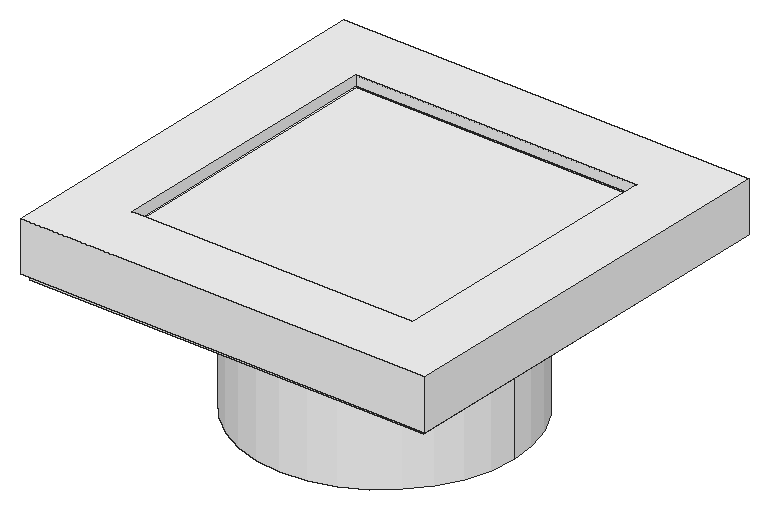
Revit family "Gira_029627", category Electrical Fixtures, host Face, Revit 2017
Family settings
  Host = Face
  Maintain Annotation Orientation = Yes
  Round Connector Dimension = Use Diameter
  Part Type = Normal
  Cut with Voids When Loaded = No
  Shared = No
  Room Calculation Point = No
Parameters (values of type "Wippe System 55 Reinweiß m")
  White [instance] = White
  Werkstoffgüte = "Thermoplast"
  Werkstoff = "Kunststoff"
  Verwendung = "Schalter/Taster"
  URL = "http://katalog.gira.de/de_DE/datenblatt.html?artikelnr=029627"
  Region = "DE"
  RAL-Nummer (ähnlich) = "9010 "
  Oberfläche = "sonstige"
  Name = "Wippe System 55 Reinweiß m"
  Model = "Sys55_Komplettgerät_Schalten und Tasten"
  Mit austauschbarer Linse/Symbol = "No"
  Mit Beschriftungsfeld = "No"
  Manufacturer URL = "https://www.gira.de/"
  Kontrollfenster/Lichtauslass = "No"
  HeinzeBIM = "https://bimportal.heinze.de/bim/wippe-system-55-reinweiss-m/580772c6a42410ca84c9aea5a6ed972272acb4bf"
  Halogenfrei = "Yes"
  HAN = "029627"
  Geeignet für Schutzart (IP) = "IP20"
  Geeignet für Bussystem-Tasterankopplung = "Yes"
  GTIN = "4010337296270"
  Farbe = "weiß"
  Default Elevation = 1219.2 mm
  Data sheet (1) = "https://katalog.gira.de/de_DE/download.html?artikelnr=029627"
  Category = "Abdeckung/Bedienelement für Installationsschalterprogramme"
  Befestigungsart = "Klemmbefestigung"
  Available = "Yes"
  Ausführung der Oberfläche = "matt"
  Ausführung = "einteilige Wippe"
  Aufdruck/Kennzeichnung = "ohne Aufdruck"
  Abtastbares Symbol/barrierefrei = "No"
Reference planes
  plane 1 "Center (Front/Back)": y = 0
  plane 2: z = 0
  plane 3 "Center (Left/Right)": x = 0
Forms (mm)
  Extrusion 1, solid, material "White" <- "White", detail levels medium
    sketch origin (0, 0, 0) x (1, 0, 0) y (0, 1, 0)
      loop
        line (-40.4, 40.4) -> (-40.4, -40.4) -> (40.4, -40.4) -> (40.4, 40.4) -> (-40.4, 40.4)
      loop
        line (-28, 28) -> (-28, -28) -> (28, -28) -> (28, 28) -> (-28, 28)
    from 0 to 10
  Extrusion 2, solid, material "White" <- "White", detail levels fine
    sketch origin (0, 0, 0) x (1, 0, 0) y (0, 1, 0)
      loop
        line (-40.4, 40.4) -> (-40.4, -40.4) -> (40.4, -40.4) -> (40.4, 40.4) -> (-40.4, 40.4)
      loop
        line (-28, 28) -> (-28, -28) -> (28, -28) -> (28, 28) -> (-28, 28)
    from 0 to 10
  Extrusion 3, void
    sketch origin (0, 0, 0) x (1, 0, 0) y (0, 1, 0)
      loop
        line (-38.4, 38.4) -> (-38.4, -38.4) -> (38.4, -38.4) -> (38.4, 38.4) -> (-38.4, 38.4)
    from 0 to 8
  Extrusion 4, solid, material "White" <- "White", detail levels medium+fine
    sketch origin (0, 0, 0) x (1, 0, 0) y (0, 1, 0)
      loop
        line (-39.4, 39.4) -> (-39.4, -39.4) -> (39.4, -39.4) -> (39.4, 39.4) -> (-39.4, 39.4)
    from 0 to -1
  Extrusion 5, solid, material "White" <- "White", detail levels medium+fine
    sketch origin (0, 0, 0) x (1, 0, 0) y (0, 1, 0)
      loop
        line (-35.5, 35.5) -> (-35.5, -35.5) -> (35.5, -35.5) -> (35.5, 35.5) -> (-35.5, 35.5)
    from -2 to -3
  Extrusion 6, solid, material "White" <- "White", detail levels medium+fine
    sketch origin (0, 0, 0) x (1, 0, 0) y (0, 1, 0)
      loop
        circle (0, 0) r 26
    from 0 to -27.5
  Extrusion 7, solid, material "White" <- "White", detail levels coarse
    sketch origin (0, 0, 0) x (1, 0, 0) y (0, 1, 0)
      loop
        line (-40.4, 40.4) -> (-40.4, -40.4) -> (40.4, -40.4) -> (40.4, 40.4) -> (-40.4, 40.4)
    from -27.5 to 10
Cuts and joins
  Extrusion 3 cuts Extrusion 2
Dimensions and locks
  aligned and locked: plane 2 to host face
  aligned and locked: level to host face
  aligned and locked: plane 3 "Center (Left/Right)" to nested 2
  aligned and locked: plane 1 "Center (Front/Back)" to nested 2
Nested families
  nested 1: "Sys55_Abdeckung_Schalten und Tasten_floor_base" at (0, 0, 0), type "Sys55_Abdeckung_Schalten und Tasten_floor_base"
  nested 2: "Schalter" at (0, 0, 0), type "Schalter"
Connectors
  electrical at (0, 0, -27.5)
    settings: on Extrusion 6, index 1, voltage 220 V, apparent load 0 VA, apparent load phase1 0 VA, apparent load phase2 0 VA, apparent load phase3 0 VA, power factor 1, load classification "Other", number of poles 1, system type 30, power factor state 1, is connector primary yes, connector utility no, sub classification motor no, connector description ""
Definition of nested family "Sys55_Abdeckung_Schalten und Tasten_floor_base"
  Parameters
    Default Elevation = 1219.2 mm
    White [instance] = none
  Reference planes
    plane 1 "Center (Front/Back)": y = 0
    plane 2: z = 0
    plane 3 "Center (Left/Right)": x = 0
  Forms (mm)
    Extrusion 1, solid
      sketch origin (0, 0, 0) x (1, 0, 0) y (0, 1, 0)
        loop
          line (-1219.2, 1219.2) -> (-1219.2, -1219.2) -> (1219.2, -1219.2) -> (1219.2, 1219.2) -> (-1219.2, 1219.2)
      from 0 to -304.8
    Extrusion 2, solid, material <- "White", detail levels fine
      sketch origin (0, 0, 0) x (1, 0, 0) y (0, 1, 0)
        loop
          line (-27.5, 27.5) -> (-27.5, -27.5) -> (27.5, -27.5) -> (27.5, 27.5) -> (-27.5, 27.5)
      from 0 to 8
    Extrusion 3, void
      sketch origin (0, 0, 0) x (1, 0, 0) y (0, 1, 0)
        loop
          line (26, 26) -> (-26, 26) -> (-26, -26) -> (26, -26) -> (26, 26)
      from 0 to 6
    Extrusion 4, solid, material <- "White", detail levels medium
      sketch origin (0, 0, 0) x (1, 0, 0) y (0, 1, 0)
        loop
          line (-27.5, 27.5) -> (-27.5, -27.5) -> (27.5, -27.5) -> (27.5, 27.5) -> (-27.5, 27.5)
      from 0 to 8
    Extrusion 5, solid, material <- "White", detail levels medium
      sketch origin (0, 0, 0) x (1, 0, 0) y (0, 1, 0)
        loop
          line (11, -17.5) -> (11, 17.5) -> (-11, 17.5) -> (-11, -17.5) -> (11, -17.5)
      from -6 to 6
    Extrusion 6, solid, material <- "White", detail levels fine
      sketch origin (0, 0, 0) x (1, 0, 0) y (0, 1, 0)
        loop
          line (11, 17.5) -> (-11, 17.5) -> (-11, 16.5) -> (11, 16.5) -> (11, 17.5)
        loop
          line (-11, -16.5) -> (-11, -17.5) -> (11, -17.5) -> (11, -16.5) -> (-11, -16.5)
      from -4 to 6
    Extrusion 7, solid, material <- "White", detail levels fine
      sketch origin (0, 0, 0) x (1, 0, 0) y (0, 1, 0)
        loop
          arc (5, 9.347) -> (0, 10.6) -> (-5, 9.347) r 10.6
          line (-5, 9.347) -> (-5, -9.347)
          arc (-5, -9.347) -> (0, -10.6) -> (5, -9.347) r 10.6
          line (5, -9.347) -> (5, 9.347)
      from -6 to 6
    Extrusion 8, solid, material <- "White", detail levels coarse
      sketch origin (0, 0, 0) x (1, 0, 0) y (0, 1, 0)
        loop
          line (-27.5, 27.5) -> (-27.5, -27.5) -> (27.5, -27.5) -> (27.5, 27.5) -> (-27.5, 27.5)
      from -6 to 8
  Cuts and joins
    Extrusion 3 cuts Extrusion 2
  Dimensions and locks
    aligned and locked: plane 2 to Extrusion 1
    aligned and locked: level to Extrusion 1
Definition of nested family "Schalter"
  Reference planes
    plane 1: y = 0
    plane 2: x = 0
  Lines and regions (mm)
    detail lines
      curve 1: circle (1.375, 2.778, 0) r 0.8 normal (0, 0, 1)
      curve 2: line (1.021, 2.061, 0) -> (0, 0, 0)
      curve 3: line (0, 0, 0) -> (-0.538, 0.266, 0)
  Dimensions and locks
    curve 2 to curve 2 = 2.3 mm
    curve 3 to curve 2 = 0.6 mm
    radius of curve 1 = 0.8 mm
